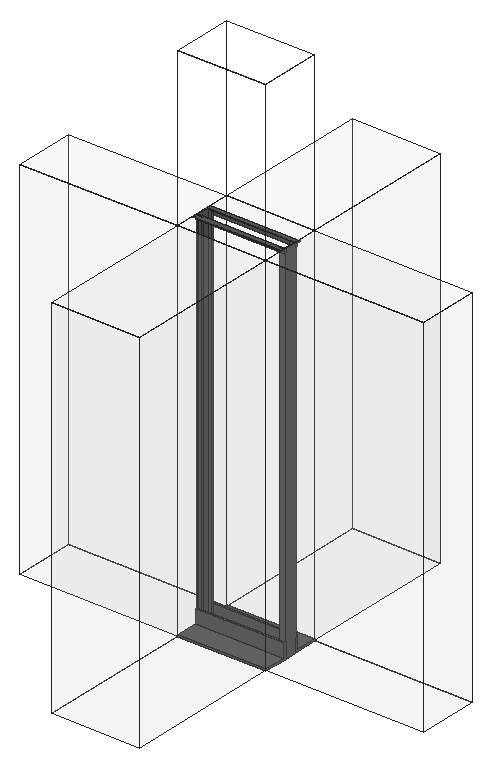
Revit family
Parameters (values of type "45 RU, 19 Inch Black")
  zz Length 9 = 84.060"  # constant formula
  zz Length 8 = 14.000"  # constant formula
  zz Length 7 = 1.250"  # constant formula
  zz Length 6 [instance] = if(and(Has Clearance Area Left, Clearance Depth Left > 0.000"), Clearance Depth Left, 1.000")  # 36.000"
  zz Length 5 = 0.000"  # constant formula
  zz Length 4 = if(1 = 1, 240.000" + zz Length 1, 240.000")  # 240.000"
  zz Length 3 = 3.000"  # constant formula
  zz Length 23 [instance] = if(and(Has Clearance Area Front, Clearance Depth Front > 0.000"), Clearance Depth Front, 1.000")  # 36.000"
  zz Length 22 = 0.380"  # constant formula
  zz Length 21 = 3.500"  # constant formula
  zz Length 20 = 18.310"  # constant formula
  zz Length 2 [instance] = if(and(Has Clearance Area Right, Clearance Depth Right > 0.000"), Clearance Depth Right, 1.000")  # 36.000"
  zz Length 19 = 0.188"  # constant formula
  zz Length 18 = 0.190"  # constant formula
  zz Length 17 = 20.280"  # constant formula
  zz Length 16 = 0.870"  # constant formula
  zz Length 15 = 0.500"  # constant formula
  zz Length 14 = 4.960"  # constant formula
  zz Length 13 = 0.188"  # constant formula
  zz Length 12 [instance] = if(and(Has Clearance Area Rear, Clearance Depth Rear > 0.000"), Clearance Depth Rear, 1.000")  # 36.000"
  zz Length 11 = 1.250"  # constant formula
  zz Length 10 [instance] = if(and(Has No Fly Zone, No Fly Zone Depth > 0.000"), No Fly Zone Depth, 1.000")  # 36.000"
  zz Length 1 = 0.000"  # constant formula
  zz Integer 1 = 1
  Width = zz Length 17  # 20.280"
  Weight = 0.00 lbf
  URL = "http://www.fiberinstrumentsales.com/"
  Rack Spaces RU = 45  # constant formula
  Provide Feedback = "https://www.surveymonkey.com/s/7W9CKP6"
  Product Page URL = ""
  Product Material = Aluminum - FIS - Black
  Product Documentation Link = ""
  Part Number [instance] = Model  # "F1SR1045"
  Part Description [instance] = Description  # "19 Inch Standard Relay Rack, Black Powdercoat on Steel"
  Original Creation Date = "November 21, 2013"  # constant formula
  No Fly Zone Depth [instance] = 36.000"
  Model Disclaimer = "For More Information, Contact Fiber Instrument Sales"  # constant formula
  Model = if(zz Integer 1 = 1, "F1SR1045", if(zz Integer 1 = 2, "F1SRA1945", "Not Available"))  # "F1SR1045"
  Manufacturer = "Fiber Instrument Sales"  # constant formula
  Height = zz Length 9  # 84.060"
  Has Snap Locations [instance] = yes
  Has No Fly Zone [instance] = yes
  Has Clearance Area Right [instance] = yes
  Has Clearance Area Rear [instance] = yes
  Has Clearance Area Left [instance] = yes
  Has Clearance Area Front [instance] = yes
  Family Version = "1.0.0"  # constant formula
  Equipment Number [instance] = ""
  Equipment Abbreviation = "R"
  Description = if(zz Integer 1 = 1, "19 Inch Standard Relay Rack, Black Powdercoat on Steel", if(zz Integer 1 = 2, "19 Inch Standard Relay Rack, Polished Brushed Aluminum", "Not Available"))  # "19 Inch Standard Relay Rack, Black Powdercoat on Steel"
  Depth = zz Length 8  # 14.000"
  Date Last Modified = "November 21, 2013"  # constant formula
  Copyright = "Copyright © 2013 Fiber Instrument Sales"  # constant formula
  Clearance Depth Right [instance] = 36.000"
  Clearance Depth Rear [instance] = 36.000"
  Clearance Depth Left [instance] = 36.000"
  Clearance Depth Front [instance] = 36.000"
Reference planes (in)
  plane 1 "Center (Front/Back)": y = 0
  plane 2 "Center (Elevation)": z = 0
  plane 3 "Center (Left/Right)": x = 0
  plane 4: x = -10.14
  plane 5: x = 10.14
  plane 6 "Rail Front": y = -1.5
  plane 7 "Rail Rear": y = 1.5
  plane 8 "Host": z = 0
  plane 9 "Base": z = -240
  plane 10: y = 1.312
  plane 11: y = -1.312
  plane 12: x = -9.95
  plane 13: x = 9.95
  plane 14: x = -8.89
  plane 15: x = 8.89
  plane 16: y = 7
  plane 17: y = -7
  plane 18 "Rack Top": z = 84.06
  plane 19: z = 0.38
  plane 20: z = 3.5
  plane 21: y = -1.88
  plane 22: y = 1.88
  plane 23: y = 2.48
  plane 24: y = -2.48
  plane 25: z = 83.872
  plane 26: y = 1.688
  plane 27: y = -1.688
  plane 28: z = 83.19
  plane 29: x = -9.155
  plane 30: x = 9.155
  plane 31: x = -9.155
  plane 32: x = 9.155
  plane 33: y = 43
  plane 34: y = -43
  plane 35: x = -46.14
  plane 36: x = 46.14
  plane 37: z = 120.06
Forms (in)
  Extrusion 1, solid, material "Aluminum - FIS - Black" <- "Product Material"
    sketch origin (0, 0, 0) x (-1, 0, 0) y (0, -1, 0)
      loop
        line (10.14, -1.5) -> (10.14, 1.5) -> (8.89, 1.5) -> (8.89, 1.312) -> (9.95, 1.312) -> (9.95, -1.312) -> (8.89, -1.312) -> (8.89, -1.5) -> (10.14, -1.5)
      loop
        line (-10.14, 1.5) -> (-10.14, -1.5) -> (-8.89, -1.5) -> (-8.89, -1.312) -> (-9.95, -1.312) -> (-9.95, 1.312) -> (-8.89, 1.312) -> (-8.89, 1.5) -> (-10.14, 1.5)
    from 0 to 84.06
  Extrusion 2, solid, material "Aluminum - FIS - Black" <- "Product Material"
    sketch origin (0, 0, 0) x (0, 1, 0) y (0, 0, 1)
      loop
        line (-2.48, 84.06) -> (-2.48, 83.872) -> (-1.688, 83.872) -> (-1.688, 83.19) -> (-1.5, 83.19) -> (-1.5, 84.06) -> (-2.48, 84.06)
      loop
        line (1.688, 83.19) -> (1.688, 83.872) -> (2.48, 83.872) -> (2.48, 84.06) -> (1.5, 84.06) -> (1.5, 83.19) -> (1.688, 83.19)
    from -10.14 to 10.14
  Extrusion 3, solid, material "Snap Locations", visible <- "Has Snap Locations"
    sketch origin (0, 0, 0) x (-1, 0, 0) y (0, -1, 0)
      loop
        line (8.89, -1.5) -> (8.89, -1.312) -> (-8.89, -1.312) -> (-8.89, -1.5) -> (8.89, -1.5)
      loop
        line (8.89, 1.5) -> (-8.89, 1.5) -> (-8.89, 1.312) -> (8.89, 1.312) -> (8.89, 1.5)
    from 0 to 84.06
  Extrusion 4, solid, material "Aluminum - FIS - Black" <- "Product Material"
    sketch origin (0, 0, 0) x (0, 1, 0) y (0, 0, 1)
      loop
        line (-1.88, 3.5) -> (-1.88, 0.38) -> (-7, 0.38) -> (-7, 0) -> (-1.5, 0) -> (-1.5, 3.5) -> (-1.88, 3.5)
      loop
        line (7, 0) -> (7, 0.38) -> (1.88, 0.38) -> (1.88, 3.5) -> (1.5, 3.5) -> (1.5, 0) -> (7, 0)
    from -10.14 to 10.14
  Extrusion 5, solid, material "Clearance Areas", visible <- "Has Clearance Area Rear"
    sketch origin (0, 0, 0) x (-1, 0, 0) y (0, -1, 0)
      loop
        line (10.14, -43) -> (10.14, -7) -> (-10.14, -7) -> (-10.14, -43) -> (10.14, -43)
    from 0 to 84.06
  Extrusion 6, solid, material "Clearance Areas", visible <- "Has Clearance Area Front"
    sketch origin (0, 0, 0) x (-1, 0, 0) y (0, -1, 0)
      loop
        line (10.14, 7) -> (10.14, 43) -> (-10.14, 43) -> (-10.14, 7) -> (10.14, 7)
    from 0 to 84.06
  Extrusion 7, solid, material "Clearance Areas", visible <- "Has Clearance Area Right"
    sketch origin (0, 0, 0) x (-1, 0, 0) y (0, -1, 0)
      loop
        line (-10.14, -7) -> (-10.14, 7) -> (-46.14, 7) -> (-46.14, -7) -> (-10.14, -7)
    from 0 to 84.06
  Extrusion 8, solid, material "Clearance Areas", visible <- "Has Clearance Area Left"
    sketch origin (0, 0, 0) x (-1, 0, 0) y (0, -1, 0)
      loop
        line (46.14, -7) -> (46.14, 7) -> (10.14, 7) -> (10.14, -7) -> (46.14, -7)
    from 0 to 84.06
  Extrusion 9, solid, visible <- "Has No Fly Zone"
    sketch origin (0, 0, 84.06) x (-1, 0, 0) y (0, -1, 0)
      loop
        line (10.14, -7) -> (10.14, 7) -> (-10.14, 7) -> (-10.14, -7) -> (10.14, -7)
    from 0 to 36
Lines and regions (in)
  Masking region 1
    outline origin (0, 0, 84.06) x (-1, 0, 0) y (0, -1, 0)
      loop
        line (10.14, -7) -> (10.14, 7) -> (-10.14, 7) -> (-10.14, -7) -> (10.14, -7)
  reference lines, visible <- "Has Snap Locations"
    curve 1: line (-9.155, -1.5, 82.4) -> (9.155, -1.5, 82.4)
    curve 2: line (-9.155, -1.5, 81.15) -> (9.155, -1.5, 81.15)
    curve 4: line (-9.155, 1.5, 82.4) -> (9.155, 1.5, 82.4)
    curve 5: line (-9.155, 1.5, 81.15) -> (9.155, 1.5, 81.15)
    curve 7: line (-9.155, 1.5, 80.65) -> (9.155, 1.5, 80.65)
    curve 8: line (-9.155, 1.5, 79.4) -> (9.155, 1.5, 79.4)
    curve 10: line (-9.155, 1.5, 78.9) -> (9.155, 1.5, 78.9)
    curve 11: line (-9.155, 1.5, 77.65) -> (9.155, 1.5, 77.65)
    curve 13: line (-9.155, 1.5, 77.15) -> (9.155, 1.5, 77.15)
    curve 14: line (-9.155, 1.5, 75.9) -> (9.155, 1.5, 75.9)
    curve 16: line (-9.155, 1.5, 75.4) -> (9.155, 1.5, 75.4)
    curve 17: line (-9.155, 1.5, 74.15) -> (9.155, 1.5, 74.15)
    curve 19: line (-9.155, 1.5, 73.65) -> (9.155, 1.5, 73.65)
    curve 20: line (-9.155, 1.5, 72.4) -> (9.155, 1.5, 72.4)
    curve 22: line (-9.155, 1.5, 71.9) -> (9.155, 1.5, 71.9)
    curve 23: line (-9.155, 1.5, 70.65) -> (9.155, 1.5, 70.65)
    curve 25: line (-9.155, 1.5, 70.15) -> (9.155, 1.5, 70.15)
    curve 26: line (-9.155, 1.5, 68.9) -> (9.155, 1.5, 68.9)
    curve 28: line (-9.155, 1.5, 68.4) -> (9.155, 1.5, 68.4)
    curve 29: line (-9.155, 1.5, 67.15) -> (9.155, 1.5, 67.15)
    curve 31: line (-9.155, 1.5, 66.65) -> (9.155, 1.5, 66.65)
    curve 32: line (-9.155, 1.5, 65.4) -> (9.155, 1.5, 65.4)
    curve 34: line (-9.155, 1.5, 64.9) -> (9.155, 1.5, 64.9)
    curve 35: line (-9.155, 1.5, 63.65) -> (9.155, 1.5, 63.65)
    curve 37: line (-9.155, 1.5, 63.15) -> (9.155, 1.5, 63.15)
    curve 38: line (-9.155, 1.5, 61.9) -> (9.155, 1.5, 61.9)
    curve 40: line (-9.155, 1.5, 61.4) -> (9.155, 1.5, 61.4)
    curve 41: line (-9.155, 1.5, 60.15) -> (9.155, 1.5, 60.15)
    curve 43: line (-9.155, 1.5, 59.65) -> (9.155, 1.5, 59.65)
    curve 44: line (-9.155, 1.5, 58.4) -> (9.155, 1.5, 58.4)
    curve 46: line (-9.155, 1.5, 57.9) -> (9.155, 1.5, 57.9)
    curve 47: line (-9.155, 1.5, 56.65) -> (9.155, 1.5, 56.65)
    curve 49: line (-9.155, 1.5, 56.15) -> (9.155, 1.5, 56.15)
    curve 50: line (-9.155, 1.5, 54.9) -> (9.155, 1.5, 54.9)
    curve 52: line (-9.155, 1.5, 54.4) -> (9.155, 1.5, 54.4)
    curve 53: line (-9.155, 1.5, 53.15) -> (9.155, 1.5, 53.15)
    curve 55: line (-9.155, 1.5, 52.65) -> (9.155, 1.5, 52.65)
    curve 56: line (-9.155, 1.5, 51.4) -> (9.155, 1.5, 51.4)
    curve 58: line (-9.155, 1.5, 50.9) -> (9.155, 1.5, 50.9)
    curve 59: line (-9.155, 1.5, 49.65) -> (9.155, 1.5, 49.65)
    curve 61: line (-9.155, 1.5, 49.15) -> (9.155, 1.5, 49.15)
    curve 62: line (-9.155, 1.5, 47.9) -> (9.155, 1.5, 47.9)
    curve 64: line (-9.155, 1.5, 47.4) -> (9.155, 1.5, 47.4)
    curve 65: line (-9.155, 1.5, 46.15) -> (9.155, 1.5, 46.15)
    curve 67: line (-9.155, 1.5, 45.65) -> (9.155, 1.5, 45.65)
    curve 68: line (-9.155, 1.5, 44.4) -> (9.155, 1.5, 44.4)
    curve 70: line (-9.155, 1.5, 43.9) -> (9.155, 1.5, 43.9)
    curve 71: line (-9.155, 1.5, 42.65) -> (9.155, 1.5, 42.65)
    curve 73: line (-9.155, 1.5, 42.15) -> (9.155, 1.5, 42.15)
    curve 74: line (-9.155, 1.5, 40.9) -> (9.155, 1.5, 40.9)
    curve 76: line (-9.155, 1.5, 40.4) -> (9.155, 1.5, 40.4)
    curve 77: line (-9.155, 1.5, 39.15) -> (9.155, 1.5, 39.15)
    curve 79: line (-9.155, 1.5, 38.65) -> (9.155, 1.5, 38.65)
    curve 80: line (-9.155, 1.5, 37.4) -> (9.155, 1.5, 37.4)
    curve 82: line (-9.155, 1.5, 36.9) -> (9.155, 1.5, 36.9)
    curve 83: line (-9.155, 1.5, 35.65) -> (9.155, 1.5, 35.65)
    curve 85: line (-9.155, 1.5, 35.15) -> (9.155, 1.5, 35.15)
    curve 86: line (-9.155, 1.5, 33.9) -> (9.155, 1.5, 33.9)
    curve 88: line (-9.155, 1.5, 33.4) -> (9.155, 1.5, 33.4)
    curve 89: line (-9.155, 1.5, 32.15) -> (9.155, 1.5, 32.15)
    curve 91: line (-9.155, 1.5, 31.65) -> (9.155, 1.5, 31.65)
    curve 92: line (-9.155, 1.5, 30.4) -> (9.155, 1.5, 30.4)
    curve 94: line (-9.155, 1.5, 29.9) -> (9.155, 1.5, 29.9)
    curve 95: line (-9.155, 1.5, 28.65) -> (9.155, 1.5, 28.65)
    curve 97: line (-9.155, 1.5, 28.15) -> (9.155, 1.5, 28.15)
    curve 98: line (-9.155, 1.5, 26.9) -> (9.155, 1.5, 26.9)
    curve 100: line (-9.155, 1.5, 26.4) -> (9.155, 1.5, 26.4)
    curve 101: line (-9.155, 1.5, 25.15) -> (9.155, 1.5, 25.15)
    curve 103: line (-9.155, 1.5, 24.65) -> (9.155, 1.5, 24.65)
    curve 104: line (-9.155, 1.5, 23.4) -> (9.155, 1.5, 23.4)
    curve 106: line (-9.155, 1.5, 22.9) -> (9.155, 1.5, 22.9)
    curve 107: line (-9.155, 1.5, 21.65) -> (9.155, 1.5, 21.65)
    curve 109: line (-9.155, 1.5, 21.15) -> (9.155, 1.5, 21.15)
    curve 110: line (-9.155, 1.5, 19.9) -> (9.155, 1.5, 19.9)
    curve 112: line (-9.155, 1.5, 19.4) -> (9.155, 1.5, 19.4)
    curve 113: line (-9.155, 1.5, 18.15) -> (9.155, 1.5, 18.15)
    curve 115: line (-9.155, 1.5, 17.65) -> (9.155, 1.5, 17.65)
    curve 116: line (-9.155, 1.5, 16.4) -> (9.155, 1.5, 16.4)
    curve 118: line (-9.155, 1.5, 15.9) -> (9.155, 1.5, 15.9)
    curve 119: line (-9.155, 1.5, 14.65) -> (9.155, 1.5, 14.65)
    curve 121: line (-9.155, 1.5, 14.15) -> (9.155, 1.5, 14.15)
    curve 122: line (-9.155, 1.5, 12.9) -> (9.155, 1.5, 12.9)
    curve 124: line (-9.155, 1.5, 12.4) -> (9.155, 1.5, 12.4)
    curve 125: line (-9.155, 1.5, 11.15) -> (9.155, 1.5, 11.15)
    curve 127: line (-9.155, 1.5, 10.65) -> (9.155, 1.5, 10.65)
    curve 128: line (-9.155, 1.5, 9.4) -> (9.155, 1.5, 9.4)
    curve 130: line (-9.155, 1.5, 8.9) -> (9.155, 1.5, 8.9)
    curve 131: line (-9.155, 1.5, 7.65) -> (9.155, 1.5, 7.65)
    curve 133: line (-9.155, 1.5, 7.15) -> (9.155, 1.5, 7.15)
    curve 134: line (-9.155, 1.5, 5.9) -> (9.155, 1.5, 5.9)
    curve 136: line (-9.155, 1.5, 5.4) -> (9.155, 1.5, 5.4)
    curve 137: line (-9.155, 1.5, 4.15) -> (9.155, 1.5, 4.15)
    curve 139: line (-9.155, -1.5, 80.65) -> (9.155, -1.5, 80.65)
    curve 140: line (-9.155, -1.5, 79.4) -> (9.155, -1.5, 79.4)
    curve 142: line (-9.155, -1.5, 78.9) -> (9.155, -1.5, 78.9)
    curve 143: line (-9.155, -1.5, 77.65) -> (9.155, -1.5, 77.65)
    curve 145: line (-9.155, -1.5, 77.15) -> (9.155, -1.5, 77.15)
    curve 146: line (-9.155, -1.5, 75.9) -> (9.155, -1.5, 75.9)
    curve 148: line (-9.155, -1.5, 75.4) -> (9.155, -1.5, 75.4)
    curve 149: line (-9.155, -1.5, 74.15) -> (9.155, -1.5, 74.15)
    curve 151: line (-9.155, -1.5, 73.65) -> (9.155, -1.5, 73.65)
    curve 152: line (-9.155, -1.5, 72.4) -> (9.155, -1.5, 72.4)
    curve 154: line (-9.155, -1.5, 71.9) -> (9.155, -1.5, 71.9)
    curve 155: line (-9.155, -1.5, 70.65) -> (9.155, -1.5, 70.65)
    curve 157: line (-9.155, -1.5, 70.15) -> (9.155, -1.5, 70.15)
    curve 158: line (-9.155, -1.5, 68.9) -> (9.155, -1.5, 68.9)
    curve 160: line (-9.155, -1.5, 68.4) -> (9.155, -1.5, 68.4)
    curve 161: line (-9.155, -1.5, 67.15) -> (9.155, -1.5, 67.15)
    curve 163: line (-9.155, -1.5, 66.65) -> (9.155, -1.5, 66.65)
    curve 164: line (-9.155, -1.5, 65.4) -> (9.155, -1.5, 65.4)
    curve 166: line (-9.155, -1.5, 64.9) -> (9.155, -1.5, 64.9)
    curve 167: line (-9.155, -1.5, 63.65) -> (9.155, -1.5, 63.65)
    curve 169: line (-9.155, -1.5, 63.15) -> (9.155, -1.5, 63.15)
    curve 170: line (-9.155, -1.5, 61.9) -> (9.155, -1.5, 61.9)
    curve 172: line (-9.155, -1.5, 61.4) -> (9.155, -1.5, 61.4)
    curve 173: line (-9.155, -1.5, 60.15) -> (9.155, -1.5, 60.15)
    curve 175: line (-9.155, -1.5, 59.65) -> (9.155, -1.5, 59.65)
    curve 176: line (-9.155, -1.5, 58.4) -> (9.155, -1.5, 58.4)
    curve 178: line (-9.155, -1.5, 57.9) -> (9.155, -1.5, 57.9)
    curve 179: line (-9.155, -1.5, 56.65) -> (9.155, -1.5, 56.65)
    curve 181: line (-9.155, -1.5, 56.15) -> (9.155, -1.5, 56.15)
    curve 182: line (-9.155, -1.5, 54.9) -> (9.155, -1.5, 54.9)
    curve 184: line (-9.155, -1.5, 54.4) -> (9.155, -1.5, 54.4)
    curve 185: line (-9.155, -1.5, 53.15) -> (9.155, -1.5, 53.15)
    curve 187: line (-9.155, -1.5, 52.65) -> (9.155, -1.5, 52.65)
    curve 188: line (-9.155, -1.5, 51.4) -> (9.155, -1.5, 51.4)
    curve 190: line (-9.155, -1.5, 50.9) -> (9.155, -1.5, 50.9)
    curve 191: line (-9.155, -1.5, 49.65) -> (9.155, -1.5, 49.65)
    curve 193: line (-9.155, -1.5, 49.15) -> (9.155, -1.5, 49.15)
    curve 194: line (-9.155, -1.5, 47.9) -> (9.155, -1.5, 47.9)
    curve 196: line (-9.155, -1.5, 47.4) -> (9.155, -1.5, 47.4)
    curve 197: line (-9.155, -1.5, 46.15) -> (9.155, -1.5, 46.15)
    curve 199: line (-9.155, -1.5, 45.65) -> (9.155, -1.5, 45.65)
    curve 200: line (-9.155, -1.5, 44.4) -> (9.155, -1.5, 44.4)
    curve 202: line (-9.155, -1.5, 43.9) -> (9.155, -1.5, 43.9)
    curve 203: line (-9.155, -1.5, 42.65) -> (9.155, -1.5, 42.65)
    curve 205: line (-9.155, -1.5, 42.15) -> (9.155, -1.5, 42.15)
    curve 206: line (-9.155, -1.5, 40.9) -> (9.155, -1.5, 40.9)
    curve 208: line (-9.155, -1.5, 40.4) -> (9.155, -1.5, 40.4)
    curve 209: line (-9.155, -1.5, 39.15) -> (9.155, -1.5, 39.15)
    curve 211: line (-9.155, -1.5, 38.65) -> (9.155, -1.5, 38.65)
    curve 212: line (-9.155, -1.5, 37.4) -> (9.155, -1.5, 37.4)
    curve 214: line (-9.155, -1.5, 36.9) -> (9.155, -1.5, 36.9)
    curve 215: line (-9.155, -1.5, 35.65) -> (9.155, -1.5, 35.65)
    curve 217: line (-9.155, -1.5, 35.15) -> (9.155, -1.5, 35.15)
    curve 218: line (-9.155, -1.5, 33.9) -> (9.155, -1.5, 33.9)
    curve 220: line (-9.155, -1.5, 33.4) -> (9.155, -1.5, 33.4)
    curve 221: line (-9.155, -1.5, 32.15) -> (9.155, -1.5, 32.15)
    curve 223: line (-9.155, -1.5, 31.65) -> (9.155, -1.5, 31.65)
    curve 224: line (-9.155, -1.5, 30.4) -> (9.155, -1.5, 30.4)
    curve 226: line (-9.155, -1.5, 29.9) -> (9.155, -1.5, 29.9)
    curve 227: line (-9.155, -1.5, 28.65) -> (9.155, -1.5, 28.65)
    curve 229: line (-9.155, -1.5, 28.15) -> (9.155, -1.5, 28.15)
    curve 230: line (-9.155, -1.5, 26.9) -> (9.155, -1.5, 26.9)
    curve 232: line (-9.155, -1.5, 26.4) -> (9.155, -1.5, 26.4)
    curve 233: line (-9.155, -1.5, 25.15) -> (9.155, -1.5, 25.15)
    curve 235: line (-9.155, -1.5, 24.65) -> (9.155, -1.5, 24.65)
    curve 236: line (-9.155, -1.5, 23.4) -> (9.155, -1.5, 23.4)
    curve 238: line (-9.155, -1.5, 22.9) -> (9.155, -1.5, 22.9)
    curve 239: line (-9.155, -1.5, 21.65) -> (9.155, -1.5, 21.65)
    curve 241: line (-9.155, -1.5, 21.15) -> (9.155, -1.5, 21.15)
    curve 242: line (-9.155, -1.5, 19.9) -> (9.155, -1.5, 19.9)
    curve 244: line (-9.155, -1.5, 19.4) -> (9.155, -1.5, 19.4)
    curve 245: line (-9.155, -1.5, 18.15) -> (9.155, -1.5, 18.15)
    curve 247: line (-9.155, -1.5, 17.65) -> (9.155, -1.5, 17.65)
    curve 248: line (-9.155, -1.5, 16.4) -> (9.155, -1.5, 16.4)
    curve 250: line (-9.155, -1.5, 15.9) -> (9.155, -1.5, 15.9)
    curve 251: line (-9.155, -1.5, 14.65) -> (9.155, -1.5, 14.65)
    curve 253: line (-9.155, -1.5, 14.15) -> (9.155, -1.5, 14.15)
    curve 254: line (-9.155, -1.5, 12.9) -> (9.155, -1.5, 12.9)
    curve 256: line (-9.155, -1.5, 12.4) -> (9.155, -1.5, 12.4)
    curve 257: line (-9.155, -1.5, 11.15) -> (9.155, -1.5, 11.15)
    curve 259: line (-9.155, -1.5, 10.65) -> (9.155, -1.5, 10.65)
    curve 260: line (-9.155, -1.5, 9.4) -> (9.155, -1.5, 9.4)
    curve 262: line (-9.155, -1.5, 8.9) -> (9.155, -1.5, 8.9)
    curve 263: line (-9.155, -1.5, 7.65) -> (9.155, -1.5, 7.65)
    curve 265: line (-9.155, -1.5, 7.15) -> (9.155, -1.5, 7.15)
    curve 266: line (-9.155, -1.5, 5.9) -> (9.155, -1.5, 5.9)
    curve 268: line (-9.155, -1.5, 5.4) -> (9.155, -1.5, 5.4)
    curve 269: line (-9.155, -1.5, 4.15) -> (9.155, -1.5, 4.15)
  model lines, style "Snap Locations", visible <- "Has Snap Locations"
    curve 3: line (-9.155, -1.5, 81.15) -> (-9.155, -1.5, 82.4)
    curve 6: line (9.155, 1.5, 82.4) -> (9.155, 1.5, 81.15)
    curve 9: line (9.155, 1.5, 80.65) -> (9.155, 1.5, 79.4)
    curve 12: line (9.155, 1.5, 78.9) -> (9.155, 1.5, 77.65)
    curve 15: line (9.155, 1.5, 77.15) -> (9.155, 1.5, 75.9)
    curve 18: line (9.155, 1.5, 75.4) -> (9.155, 1.5, 74.15)
    curve 21: line (9.155, 1.5, 73.65) -> (9.155, 1.5, 72.4)
    curve 24: line (9.155, 1.5, 71.9) -> (9.155, 1.5, 70.65)
    curve 27: line (9.155, 1.5, 70.15) -> (9.155, 1.5, 68.9)
    curve 30: line (9.155, 1.5, 68.4) -> (9.155, 1.5, 67.15)
    curve 33: line (9.155, 1.5, 66.65) -> (9.155, 1.5, 65.4)
    curve 36: line (9.155, 1.5, 64.9) -> (9.155, 1.5, 63.65)
    curve 39: line (9.155, 1.5, 63.15) -> (9.155, 1.5, 61.9)
    curve 42: line (9.155, 1.5, 61.4) -> (9.155, 1.5, 60.15)
    curve 45: line (9.155, 1.5, 59.65) -> (9.155, 1.5, 58.4)
    curve 48: line (9.155, 1.5, 57.9) -> (9.155, 1.5, 56.65)
    curve 51: line (9.155, 1.5, 56.15) -> (9.155, 1.5, 54.9)
    curve 54: line (9.155, 1.5, 54.4) -> (9.155, 1.5, 53.15)
    curve 57: line (9.155, 1.5, 52.65) -> (9.155, 1.5, 51.4)
    curve 60: line (9.155, 1.5, 50.9) -> (9.155, 1.5, 49.65)
    curve 63: line (9.155, 1.5, 49.15) -> (9.155, 1.5, 47.9)
    curve 66: line (9.155, 1.5, 47.4) -> (9.155, 1.5, 46.15)
    curve 69: line (9.155, 1.5, 45.65) -> (9.155, 1.5, 44.4)
    curve 72: line (9.155, 1.5, 43.9) -> (9.155, 1.5, 42.65)
    curve 75: line (9.155, 1.5, 42.15) -> (9.155, 1.5, 40.9)
    curve 78: line (9.155, 1.5, 40.4) -> (9.155, 1.5, 39.15)
    curve 81: line (9.155, 1.5, 38.65) -> (9.155, 1.5, 37.4)
    curve 84: line (9.155, 1.5, 36.9) -> (9.155, 1.5, 35.65)
    curve 87: line (9.155, 1.5, 35.15) -> (9.155, 1.5, 33.9)
    curve 90: line (9.155, 1.5, 33.4) -> (9.155, 1.5, 32.15)
    curve 93: line (9.155, 1.5, 31.65) -> (9.155, 1.5, 30.4)
    curve 96: line (9.155, 1.5, 29.9) -> (9.155, 1.5, 28.65)
    curve 99: line (9.155, 1.5, 28.15) -> (9.155, 1.5, 26.9)
    curve 102: line (9.155, 1.5, 26.4) -> (9.155, 1.5, 25.15)
    curve 105: line (9.155, 1.5, 24.65) -> (9.155, 1.5, 23.4)
    curve 108: line (9.155, 1.5, 22.9) -> (9.155, 1.5, 21.65)
    curve 111: line (9.155, 1.5, 21.15) -> (9.155, 1.5, 19.9)
    curve 114: line (9.155, 1.5, 19.4) -> (9.155, 1.5, 18.15)
    curve 117: line (9.155, 1.5, 17.65) -> (9.155, 1.5, 16.4)
    curve 120: line (9.155, 1.5, 15.9) -> (9.155, 1.5, 14.65)
    curve 123: line (9.155, 1.5, 14.15) -> (9.155, 1.5, 12.9)
    curve 126: line (9.155, 1.5, 12.4) -> (9.155, 1.5, 11.15)
    curve 129: line (9.155, 1.5, 10.65) -> (9.155, 1.5, 9.4)
    curve 132: line (9.155, 1.5, 8.9) -> (9.155, 1.5, 7.65)
    curve 135: line (9.155, 1.5, 7.15) -> (9.155, 1.5, 5.9)
    curve 138: line (9.155, 1.5, 5.4) -> (9.155, 1.5, 4.15)
    curve 141: line (-9.155, -1.5, 79.4) -> (-9.155, -1.5, 80.65)
    curve 144: line (-9.155, -1.5, 77.65) -> (-9.155, -1.5, 78.9)
    curve 147: line (-9.155, -1.5, 75.9) -> (-9.155, -1.5, 77.15)
    curve 150: line (-9.155, -1.5, 74.15) -> (-9.155, -1.5, 75.4)
    curve 153: line (-9.155, -1.5, 72.4) -> (-9.155, -1.5, 73.65)
    curve 156: line (-9.155, -1.5, 70.65) -> (-9.155, -1.5, 71.9)
    curve 159: line (-9.155, -1.5, 68.9) -> (-9.155, -1.5, 70.15)
    curve 162: line (-9.155, -1.5, 67.15) -> (-9.155, -1.5, 68.4)
    curve 165: line (-9.155, -1.5, 65.4) -> (-9.155, -1.5, 66.65)
    curve 168: line (-9.155, -1.5, 63.65) -> (-9.155, -1.5, 64.9)
    curve 171: line (-9.155, -1.5, 61.9) -> (-9.155, -1.5, 63.15)
    curve 174: line (-9.155, -1.5, 60.15) -> (-9.155, -1.5, 61.4)
    curve 177: line (-9.155, -1.5, 58.4) -> (-9.155, -1.5, 59.65)
    curve 180: line (-9.155, -1.5, 56.65) -> (-9.155, -1.5, 57.9)
    curve 183: line (-9.155, -1.5, 54.9) -> (-9.155, -1.5, 56.15)
    curve 186: line (-9.155, -1.5, 53.15) -> (-9.155, -1.5, 54.4)
    curve 189: line (-9.155, -1.5, 51.4) -> (-9.155, -1.5, 52.65)
    curve 192: line (-9.155, -1.5, 49.65) -> (-9.155, -1.5, 50.9)
    curve 195: line (-9.155, -1.5, 47.9) -> (-9.155, -1.5, 49.15)
    curve 198: line (-9.155, -1.5, 46.15) -> (-9.155, -1.5, 47.4)
    curve 201: line (-9.155, -1.5, 44.4) -> (-9.155, -1.5, 45.65)
    curve 204: line (-9.155, -1.5, 42.65) -> (-9.155, -1.5, 43.9)
    curve 207: line (-9.155, -1.5, 40.9) -> (-9.155, -1.5, 42.15)
    curve 210: line (-9.155, -1.5, 39.15) -> (-9.155, -1.5, 40.4)
    curve 213: line (-9.155, -1.5, 37.4) -> (-9.155, -1.5, 38.65)
    curve 216: line (-9.155, -1.5, 35.65) -> (-9.155, -1.5, 36.9)
    curve 219: line (-9.155, -1.5, 33.9) -> (-9.155, -1.5, 35.15)
    curve 222: line (-9.155, -1.5, 32.15) -> (-9.155, -1.5, 33.4)
    curve 225: line (-9.155, -1.5, 30.4) -> (-9.155, -1.5, 31.65)
    curve 228: line (-9.155, -1.5, 28.65) -> (-9.155, -1.5, 29.9)
    curve 231: line (-9.155, -1.5, 26.9) -> (-9.155, -1.5, 28.15)
    curve 234: line (-9.155, -1.5, 25.15) -> (-9.155, -1.5, 26.4)
    curve 237: line (-9.155, -1.5, 23.4) -> (-9.155, -1.5, 24.65)
    curve 240: line (-9.155, -1.5, 21.65) -> (-9.155, -1.5, 22.9)
    curve 243: line (-9.155, -1.5, 19.9) -> (-9.155, -1.5, 21.15)
    curve 246: line (-9.155, -1.5, 18.15) -> (-9.155, -1.5, 19.4)
    curve 249: line (-9.155, -1.5, 16.4) -> (-9.155, -1.5, 17.65)
    curve 252: line (-9.155, -1.5, 14.65) -> (-9.155, -1.5, 15.9)
    curve 255: line (-9.155, -1.5, 12.9) -> (-9.155, -1.5, 14.15)
    curve 258: line (-9.155, -1.5, 11.15) -> (-9.155, -1.5, 12.4)
    curve 261: line (-9.155, -1.5, 9.4) -> (-9.155, -1.5, 10.65)
    curve 264: line (-9.155, -1.5, 7.65) -> (-9.155, -1.5, 8.9)
    curve 267: line (-9.155, -1.5, 5.9) -> (-9.155, -1.5, 7.15)
    curve 270: line (-9.155, -1.5, 4.15) -> (-9.155, -1.5, 5.4)
    curve 271: line (-9.155, 1.5, 82.4) -> (-9.155, 1.5, 81.15)
    curve 272: line (-9.155, 1.5, 80.65) -> (-9.155, 1.5, 79.4)
    curve 273: line (-9.155, 1.5, 78.9) -> (-9.155, 1.5, 77.65)
    curve 274: line (-9.155, 1.5, 77.15) -> (-9.155, 1.5, 75.9)
    curve 275: line (-9.155, 1.5, 75.4) -> (-9.155, 1.5, 74.15)
    curve 276: line (-9.155, 1.5, 73.65) -> (-9.155, 1.5, 72.4)
    curve 277: line (-9.155, 1.5, 71.9) -> (-9.155, 1.5, 70.65)
    curve 278: line (-9.155, 1.5, 70.15) -> (-9.155, 1.5, 68.9)
    curve 279: line (-9.155, 1.5, 68.4) -> (-9.155, 1.5, 67.15)
    curve 280: line (-9.155, 1.5, 66.65) -> (-9.155, 1.5, 65.4)
    curve 281: line (-9.155, 1.5, 64.9) -> (-9.155, 1.5, 63.65)
    curve 282: line (-9.155, 1.5, 63.15) -> (-9.155, 1.5, 61.9)
    curve 283: line (-9.155, 1.5, 61.4) -> (-9.155, 1.5, 60.15)
    curve 284: line (-9.155, 1.5, 59.65) -> (-9.155, 1.5, 58.4)
    curve 285: line (-9.155, 1.5, 57.9) -> (-9.155, 1.5, 56.65)
    curve 286: line (-9.155, 1.5, 56.15) -> (-9.155, 1.5, 54.9)
    curve 287: line (-9.155, 1.5, 54.4) -> (-9.155, 1.5, 53.15)
    curve 288: line (-9.155, 1.5, 52.65) -> (-9.155, 1.5, 51.4)
    curve 289: line (-9.155, 1.5, 50.9) -> (-9.155, 1.5, 49.65)
    curve 290: line (-9.155, 1.5, 49.15) -> (-9.155, 1.5, 47.9)
    curve 291: line (-9.155, 1.5, 47.4) -> (-9.155, 1.5, 46.15)
    curve 292: line (-9.155, 1.5, 45.65) -> (-9.155, 1.5, 44.4)
    curve 293: line (-9.155, 1.5, 43.9) -> (-9.155, 1.5, 42.65)
    curve 294: line (-9.155, 1.5, 42.15) -> (-9.155, 1.5, 40.9)
    curve 295: line (-9.155, 1.5, 40.4) -> (-9.155, 1.5, 39.15)
    curve 296: line (-9.155, 1.5, 38.65) -> (-9.155, 1.5, 37.4)
    curve 297: line (-9.155, 1.5, 36.9) -> (-9.155, 1.5, 35.65)
    curve 298: line (-9.155, 1.5, 35.15) -> (-9.155, 1.5, 33.9)
    curve 299: line (-9.155, 1.5, 33.4) -> (-9.155, 1.5, 32.15)
    curve 300: line (-9.155, 1.5, 31.65) -> (-9.155, 1.5, 30.4)
    curve 301: line (-9.155, 1.5, 29.9) -> (-9.155, 1.5, 28.65)
    curve 302: line (-9.155, 1.5, 28.15) -> (-9.155, 1.5, 26.9)
    curve 303: line (-9.155, 1.5, 26.4) -> (-9.155, 1.5, 25.15)
    curve 304: line (-9.155, 1.5, 24.65) -> (-9.155, 1.5, 23.4)
    curve 305: line (-9.155, 1.5, 22.9) -> (-9.155, 1.5, 21.65)
    curve 306: line (-9.155, 1.5, 21.15) -> (-9.155, 1.5, 19.9)
    curve 307: line (-9.155, 1.5, 19.4) -> (-9.155, 1.5, 18.15)
    curve 308: line (-9.155, 1.5, 17.65) -> (-9.155, 1.5, 16.4)
    curve 309: line (-9.155, 1.5, 15.9) -> (-9.155, 1.5, 14.65)
    curve 310: line (-9.155, 1.5, 14.15) -> (-9.155, 1.5, 12.9)
    curve 311: line (-9.155, 1.5, 12.4) -> (-9.155, 1.5, 11.15)
    curve 312: line (-9.155, 1.5, 10.65) -> (-9.155, 1.5, 9.4)
    curve 313: line (-9.155, 1.5, 8.9) -> (-9.155, 1.5, 7.65)
    curve 314: line (-9.155, 1.5, 7.15) -> (-9.155, 1.5, 5.9)
    curve 315: line (-9.155, 1.5, 5.4) -> (-9.155, 1.5, 4.15)
    curve 316: line (9.155, -1.5, 81.15) -> (9.155, -1.5, 82.4)
    curve 317: line (9.155, -1.5, 79.4) -> (9.155, -1.5, 80.65)
    curve 318: line (9.155, -1.5, 77.65) -> (9.155, -1.5, 78.9)
    curve 319: line (9.155, -1.5, 75.9) -> (9.155, -1.5, 77.15)
    curve 320: line (9.155, -1.5, 74.15) -> (9.155, -1.5, 75.4)
    curve 321: line (9.155, -1.5, 72.4) -> (9.155, -1.5, 73.65)
    curve 322: line (9.155, -1.5, 70.65) -> (9.155, -1.5, 71.9)
    curve 323: line (9.155, -1.5, 68.9) -> (9.155, -1.5, 70.15)
    curve 324: line (9.155, -1.5, 67.15) -> (9.155, -1.5, 68.4)
    curve 325: line (9.155, -1.5, 65.4) -> (9.155, -1.5, 66.65)
    curve 326: line (9.155, -1.5, 63.65) -> (9.155, -1.5, 64.9)
    curve 327: line (9.155, -1.5, 61.9) -> (9.155, -1.5, 63.15)
    curve 328: line (9.155, -1.5, 60.15) -> (9.155, -1.5, 61.4)
    curve 329: line (9.155, -1.5, 58.4) -> (9.155, -1.5, 59.65)
    curve 330: line (9.155, -1.5, 56.65) -> (9.155, -1.5, 57.9)
    curve 331: line (9.155, -1.5, 54.9) -> (9.155, -1.5, 56.15)
    curve 332: line (9.155, -1.5, 53.15) -> (9.155, -1.5, 54.4)
    curve 333: line (9.155, -1.5, 51.4) -> (9.155, -1.5, 52.65)
    curve 334: line (9.155, -1.5, 49.65) -> (9.155, -1.5, 50.9)
    curve 335: line (9.155, -1.5, 47.9) -> (9.155, -1.5, 49.15)
    curve 336: line (9.155, -1.5, 46.15) -> (9.155, -1.5, 47.4)
    curve 337: line (9.155, -1.5, 44.4) -> (9.155, -1.5, 45.65)
    curve 338: line (9.155, -1.5, 42.65) -> (9.155, -1.5, 43.9)
    curve 339: line (9.155, -1.5, 40.9) -> (9.155, -1.5, 42.15)
    curve 340: line (9.155, -1.5, 39.15) -> (9.155, -1.5, 40.4)
    curve 341: line (9.155, -1.5, 37.4) -> (9.155, -1.5, 38.65)
    curve 342: line (9.155, -1.5, 35.65) -> (9.155, -1.5, 36.9)
    curve 343: line (9.155, -1.5, 33.9) -> (9.155, -1.5, 35.15)
    curve 344: line (9.155, -1.5, 32.15) -> (9.155, -1.5, 33.4)
    curve 345: line (9.155, -1.5, 30.4) -> (9.155, -1.5, 31.65)
    curve 346: line (9.155, -1.5, 28.65) -> (9.155, -1.5, 29.9)
    curve 347: line (9.155, -1.5, 26.9) -> (9.155, -1.5, 28.15)
    curve 348: line (9.155, -1.5, 25.15) -> (9.155, -1.5, 26.4)
    curve 349: line (9.155, -1.5, 23.4) -> (9.155, -1.5, 24.65)
    curve 350: line (9.155, -1.5, 21.65) -> (9.155, -1.5, 22.9)
    curve 351: line (9.155, -1.5, 19.9) -> (9.155, -1.5, 21.15)
    curve 352: line (9.155, -1.5, 18.15) -> (9.155, -1.5, 19.4)
    curve 353: line (9.155, -1.5, 16.4) -> (9.155, -1.5, 17.65)
    curve 354: line (9.155, -1.5, 14.65) -> (9.155, -1.5, 15.9)
    curve 355: line (9.155, -1.5, 12.9) -> (9.155, -1.5, 14.15)
    curve 356: line (9.155, -1.5, 11.15) -> (9.155, -1.5, 12.4)
    curve 357: line (9.155, -1.5, 9.4) -> (9.155, -1.5, 10.65)
    curve 358: line (9.155, -1.5, 7.65) -> (9.155, -1.5, 8.9)
    curve 359: line (9.155, -1.5, 5.9) -> (9.155, -1.5, 7.15)
    curve 360: line (9.155, -1.5, 4.15) -> (9.155, -1.5, 5.4)
  symbolic lines, style "Snap Locations", visible <- "Has Snap Locations", detail levels medium+fine
    curve 361: line (-10.14, 1.5, 84.06) -> (10.14, 1.5, 84.06)
    curve 362: line (10.14, -1.5, 84.06) -> (-10.14, -1.5, 84.06)
  symbolic lines, detail levels fine
    curve 363: line (-9.95, 1.312, 84.06) -> (-8.89, 1.312, 84.06)
    curve 364: line (-9.95, -1.312, 84.06) -> (-9.95, 1.312, 84.06)
    curve 365: line (9.95, -1.312, 84.06) -> (8.89, -1.312, 84.06)
    curve 366: line (9.95, 1.312, 84.06) -> (9.95, -1.312, 84.06)
    curve 367: line (-8.89, -1.5, 84.06) -> (-8.89, -1.312, 84.06)
    curve 368: line (8.89, 1.5, 84.06) -> (8.89, 1.312, 84.06)
    curve 369: line (8.89, 1.312, 84.06) -> (9.95, 1.312, 84.06)
    curve 370: line (-8.89, -1.312, 84.06) -> (-9.95, -1.312, 84.06)
    curve 371: line (8.89, -1.312, 84.06) -> (8.89, -1.5, 84.06)
    curve 372: line (-8.89, 1.312, 84.06) -> (-8.89, 1.5, 84.06)
    curve 389: line (-10.14, 1.5, 84.06) -> (-8.89, 1.5, 84.06)
    curve 390: line (-10.14, -1.5, 84.06) -> (-10.14, 1.5, 84.06)
    curve 391: line (10.14, -1.5, 84.06) -> (8.89, -1.5, 84.06)
    curve 392: line (10.14, 1.5, 84.06) -> (10.14, -1.5, 84.06)
    curve 393: line (8.89, 1.5, 84.06) -> (10.14, 1.5, 84.06)
    curve 394: line (-8.89, -1.5, 84.06) -> (-10.14, -1.5, 84.06)
  symbolic lines, style "Clearance Areas", visible <- "Has Clearance Area Rear"
    curve 373: line (-10.14, 43, 84.06) -> (10.14, 43, 84.06)
    curve 374: line (-10.14, 7, 84.06) -> (-10.14, 43, 84.06)
    curve 375: line (10.14, 7, 84.06) -> (-10.14, 7, 84.06)
    curve 376: line (10.14, 43, 84.06) -> (10.14, 7, 84.06)
  symbolic lines, style "Clearance Areas", visible <- "Has Clearance Area Right"
    curve 377: line (10.14, 7, 84.06) -> (46.14, 7, 84.06)
    curve 378: line (10.14, -7, 84.06) -> (10.14, 7, 84.06)
    curve 379: line (46.14, -7, 84.06) -> (10.14, -7, 84.06)
    curve 380: line (46.14, 7, 84.06) -> (46.14, -7, 84.06)
  symbolic lines, style "Clearance Areas", visible <- "Has Clearance Area Front"
    curve 381: line (-10.14, -7, 84.06) -> (10.14, -7, 84.06)
    curve 382: line (-10.14, -43, 84.06) -> (-10.14, -7, 84.06)
    curve 383: line (10.14, -43, 84.06) -> (-10.14, -43, 84.06)
    curve 384: line (10.14, -7, 84.06) -> (10.14, -43, 84.06)
  symbolic lines, style "Clearance Areas", visible <- "Has Clearance Area Left"
    curve 385: line (-46.14, 7, 84.06) -> (-10.14, 7, 84.06)
    curve 386: line (-46.14, -7, 84.06) -> (-46.14, 7, 84.06)
    curve 387: line (-10.14, -7, 84.06) -> (-46.14, -7, 84.06)
    curve 388: line (-10.14, 7, 84.06) -> (-10.14, -7, 84.06)
Dimensions and locks (in)
  "zz Length 4": plane 8 "Host" to plane 9 "Base"
  "zz Length 3": plane 7 "Rail Rear" to plane 6 "Rail Front"
  "zz Length 17": plane 4 to plane 5
  equal spacing: plane 6 "Rail Front", plane 1 "Center (Front/Back)", plane 7 "Rail Rear"
  equal spacing: plane 4, plane 3 "Center (Left/Right)", plane 5
  "zz Length 9": plane 18 "Rack Top" to plane 8 "Host"
  "zz Length 19": plane 10 to plane 7 "Rail Rear"
  "zz Length 19": plane 11 to plane 6 "Rail Front"
  "zz Length 18": plane 4 to plane 12
  "zz Length 18": plane 13 to plane 5
  "zz Length 7": plane 4 to plane 14
  "zz Length 7": plane 15 to plane 5
  equal spacing: plane 17, plane 1 "Center (Front/Back)", plane 16
  "zz Length 8": plane 17 to plane 16
  "zz Length 22": plane 19 to plane 8 "Host"
  "zz Length 21": plane 20 to plane 8 "Host"
  "zz Length 22": plane 21 to plane 6 "Rail Front"
  "zz Length 22": plane 7 "Rail Rear" to plane 22
  "zz Length 13": plane 27 to plane 6 "Rail Front"
  "zz Length 13": plane 7 "Rail Rear" to plane 26
  "zz Length 13": plane 18 "Rack Top" to plane 25
  equal spacing: plane 24, plane 1 "Center (Front/Back)", plane 23
  "zz Length 14": plane 24 to plane 23
  "zz Length 16": plane 18 "Rack Top" to plane 28
  equal spacing: plane 30, plane 3 "Center (Left/Right)", plane 29
  "zz Length 20": plane 29 to plane 30
  locked: plane 18 "Rack Top" to curve 1 at 1.66
  "zz Length 11": curve 1 to curve 2
  plane 1 "Center (Front/Back)" to Extrusion 3 = 1.500"
  "zz Length 20": plane 32 to plane 31
  "zz Length 11": curve 4 to curve 5
  "zz Length 11": curve 7 to curve 8
  "zz Length 11": curve 10 to curve 11
  "zz Length 11": curve 13 to curve 14
  "zz Length 11": curve 16 to curve 17
  "zz Length 11": curve 19 to curve 20
  "zz Length 11": curve 22 to curve 23
  "zz Length 11": curve 25 to curve 26
  "zz Length 11": curve 28 to curve 29
  "zz Length 11": curve 31 to curve 32
  "zz Length 15": curve 5 to curve 7
  "zz Length 15": curve 8 to curve 10
  "zz Length 15": curve 11 to curve 13
  "zz Length 15": curve 14 to curve 16
  "zz Length 15": curve 17 to curve 19
  "zz Length 15": curve 20 to curve 22
  "zz Length 15": curve 23 to curve 25
  "zz Length 15": curve 26 to curve 28
  "zz Length 15": curve 29 to curve 31
  "zz Length 11": curve 34 to curve 35
  "zz Length 11": curve 37 to curve 38
  "zz Length 11": curve 40 to curve 41
  "zz Length 11": curve 43 to curve 44
  "zz Length 11": curve 46 to curve 47
  "zz Length 11": curve 49 to curve 50
  "zz Length 11": curve 52 to curve 53
  "zz Length 11": curve 55 to curve 56
  "zz Length 11": curve 58 to curve 59
  "zz Length 11": curve 61 to curve 62
  "zz Length 15": curve 35 to curve 37
  "zz Length 15": curve 38 to curve 40
  "zz Length 15": curve 41 to curve 43
  "zz Length 15": curve 44 to curve 46
  "zz Length 15": curve 47 to curve 49
  "zz Length 15": curve 50 to curve 52
  "zz Length 15": curve 53 to curve 55
  "zz Length 15": curve 56 to curve 58
  "zz Length 15": curve 59 to curve 61
  "zz Length 11": curve 64 to curve 65
  "zz Length 11": curve 67 to curve 68
  "zz Length 11": curve 70 to curve 71
  "zz Length 11": curve 73 to curve 74
  "zz Length 11": curve 76 to curve 77
  "zz Length 11": curve 79 to curve 80
  "zz Length 11": curve 82 to curve 83
  "zz Length 11": curve 85 to curve 86
  "zz Length 11": curve 88 to curve 89
  "zz Length 11": curve 91 to curve 92
  "zz Length 15": curve 65 to curve 67
  "zz Length 15": curve 68 to curve 70
  "zz Length 15": curve 71 to curve 73
  "zz Length 15": curve 74 to curve 76
  "zz Length 15": curve 77 to curve 79
  "zz Length 15": curve 80 to curve 82
  "zz Length 15": curve 83 to curve 85
  "zz Length 15": curve 86 to curve 88
  "zz Length 15": curve 89 to curve 91
  "zz Length 11": curve 94 to curve 95
  "zz Length 11": curve 97 to curve 98
  "zz Length 11": curve 100 to curve 101
  "zz Length 11": curve 103 to curve 104
  "zz Length 11": curve 106 to curve 107
  "zz Length 11": curve 109 to curve 110
  "zz Length 11": curve 112 to curve 113
  "zz Length 11": curve 115 to curve 116
  "zz Length 11": curve 118 to curve 119
  "zz Length 11": curve 121 to curve 122
  "zz Length 15": curve 95 to curve 97
  "zz Length 15": curve 98 to curve 100
  "zz Length 15": curve 101 to curve 103
  "zz Length 15": curve 104 to curve 106
  "zz Length 15": curve 107 to curve 109
  "zz Length 15": curve 110 to curve 112
  "zz Length 15": curve 113 to curve 115
  "zz Length 15": curve 116 to curve 118
  "zz Length 15": curve 119 to curve 121
  "zz Length 11": curve 124 to curve 125
  "zz Length 11": curve 127 to curve 128
  "zz Length 11": curve 130 to curve 131
  "zz Length 11": curve 133 to curve 134
  "zz Length 11": curve 136 to curve 137
  "zz Length 15": curve 125 to curve 127
  "zz Length 15": curve 128 to curve 130
  "zz Length 15": curve 131 to curve 133
  "zz Length 15": curve 134 to curve 136
  "zz Length 11": curve 139 to curve 140
  "zz Length 11": curve 142 to curve 143
  "zz Length 11": curve 145 to curve 146
  "zz Length 11": curve 148 to curve 149
  "zz Length 15": curve 2 to curve 139
  "zz Length 15": curve 140 to curve 142
  "zz Length 15": curve 143 to curve 145
  "zz Length 15": curve 146 to curve 148
  "zz Length 11": curve 151 to curve 152
  "zz Length 11": curve 154 to curve 155
  "zz Length 11": curve 157 to curve 158
  "zz Length 11": curve 160 to curve 161
  "zz Length 11": curve 163 to curve 164
  "zz Length 15": curve 152 to curve 154
  "zz Length 15": curve 155 to curve 157
  "zz Length 15": curve 158 to curve 160
  "zz Length 15": curve 161 to curve 163
  "zz Length 15": curve 149 to curve 151
  "zz Length 11": curve 166 to curve 167
  "zz Length 11": curve 169 to curve 170
  "zz Length 11": curve 172 to curve 173
  "zz Length 11": curve 175 to curve 176
  "zz Length 11": curve 178 to curve 179
  "zz Length 15": curve 167 to curve 169
  "zz Length 15": curve 170 to curve 172
  "zz Length 15": curve 173 to curve 175
  "zz Length 15": curve 176 to curve 178
  "zz Length 11": curve 181 to curve 182
  "zz Length 11": curve 184 to curve 185
  "zz Length 11": curve 187 to curve 188
  "zz Length 11": curve 190 to curve 191
  "zz Length 11": curve 193 to curve 194
  "zz Length 15": curve 182 to curve 184
  "zz Length 15": curve 185 to curve 187
  "zz Length 15": curve 188 to curve 190
  "zz Length 15": curve 191 to curve 193
  "zz Length 15": curve 179 to curve 181
  "zz Length 11": curve 196 to curve 197
  "zz Length 11": curve 199 to curve 200
  "zz Length 11": curve 202 to curve 203
  "zz Length 11": curve 205 to curve 206
  "zz Length 11": curve 208 to curve 209
  "zz Length 15": curve 197 to curve 199
  "zz Length 15": curve 200 to curve 202
  "zz Length 15": curve 203 to curve 205
  "zz Length 15": curve 206 to curve 208
  "zz Length 11": curve 211 to curve 212
  "zz Length 11": curve 214 to curve 215
  "zz Length 11": curve 217 to curve 218
  "zz Length 11": curve 220 to curve 221
  "zz Length 11": curve 223 to curve 224
  "zz Length 15": curve 212 to curve 214
  "zz Length 15": curve 215 to curve 217
  "zz Length 15": curve 218 to curve 220
  "zz Length 15": curve 221 to curve 223
  "zz Length 15": curve 209 to curve 211
  "zz Length 11": curve 226 to curve 227
  "zz Length 11": curve 229 to curve 230
  "zz Length 11": curve 232 to curve 233
  "zz Length 11": curve 235 to curve 236
  "zz Length 11": curve 238 to curve 239
  "zz Length 15": curve 227 to curve 229
  "zz Length 15": curve 230 to curve 232
  "zz Length 15": curve 233 to curve 235
  "zz Length 15": curve 236 to curve 238
  "zz Length 11": curve 241 to curve 242
  "zz Length 11": curve 244 to curve 245
  "zz Length 11": curve 247 to curve 248
  "zz Length 11": curve 250 to curve 251
  "zz Length 11": curve 253 to curve 254
  "zz Length 15": curve 242 to curve 244
  "zz Length 15": curve 245 to curve 247
  "zz Length 15": curve 248 to curve 250
  "zz Length 15": curve 251 to curve 253
  "zz Length 15": curve 239 to curve 241
  "zz Length 11": curve 256 to curve 257
  "zz Length 11": curve 259 to curve 260
  "zz Length 11": curve 262 to curve 263
  "zz Length 11": curve 265 to curve 266
  "zz Length 11": curve 268 to curve 269
  "zz Length 15": curve 257 to curve 259
  "zz Length 15": curve 260 to curve 262
  "zz Length 15": curve 263 to curve 265
  "zz Length 15": curve 266 to curve 268
  "zz Length 15": curve 164 to curve 166
  "zz Length 15": curve 194 to curve 196
  "zz Length 15": curve 224 to curve 226
  "zz Length 15": curve 254 to curve 256
  locked: plane 18 "Rack Top" to curve 4 at 1.66
  "zz Length 15": curve 32 to curve 34
  "zz Length 15": curve 62 to curve 64
  "zz Length 15": curve 92 to curve 94
  "zz Length 15": curve 122 to curve 124
  "zz Length 5": plane 29 to plane 31
  "zz Length 23": plane 34 to plane 17
  "zz Length 12": plane 33 to plane 16
  "zz Length 6": plane 35 to plane 4
  "zz Length 2": plane 5 to plane 36
  "zz Length 10": plane 37 to plane 18 "Rack Top"
  aligned and locked: plane 2 "Center (Elevation)" to level
  aligned and locked: plane 7 "Rail Rear" to Extrusion 1 sketch curve
  aligned and locked: plane 4 to Extrusion 1 sketch curve
  aligned and locked: plane 6 "Rail Front" to Extrusion 1 sketch curve
  aligned and locked: plane 11 to Extrusion 1 sketch curve
  aligned and locked: plane 10 to Extrusion 1 sketch curve
  aligned and locked: plane 13 to Extrusion 1 sketch curve
  aligned and locked: Extrusion 1 sketch curve to plane 14
  aligned and locked: Extrusion 1 sketch curve to plane 15
  aligned and locked: plane 18 "Rack Top" to Extrusion 1
  aligned and locked: Extrusion 2 sketch curve to plane 18 "Rack Top"
  aligned and locked: Extrusion 2 sketch curve to plane 23
  aligned and locked: Extrusion 2 sketch curve to plane 24
  aligned and locked: Extrusion 2 sketch curve to plane 28
  aligned and locked: Extrusion 2 sketch curve to plane 25  (x2)
  aligned and locked: plane 26 to Extrusion 2 sketch curve
  aligned and locked: plane 27 to Extrusion 2 sketch curve
  aligned and locked: plane 7 "Rail Rear" to Extrusion 2 sketch curve
  aligned and locked: plane 6 "Rail Front" to Extrusion 2 sketch curve
  aligned and locked: Extrusion 2 to plane 4
  aligned and locked: Extrusion 2 to plane 5
  aligned and locked: plane 29 to curve 1
  aligned and locked: plane 30 to curve 1
  aligned and locked: curve 3 to plane 29
  aligned and locked: Extrusion 3 sketch curve to plane 14
  aligned and locked: Extrusion 3 sketch curve to plane 15
  aligned and locked: plane 6 "Rail Front" to Extrusion 3 sketch curve
  aligned and locked: plane 7 "Rail Rear" to Extrusion 3 sketch curve
  aligned and locked: plane 15 to Extrusion 3 sketch curve
  aligned and locked: plane 18 "Rack Top" to Extrusion 3
  aligned and locked: Extrusion 3 to plane 8 "Host"
  aligned and locked: plane 31 to curve 4
  aligned and locked: plane 32 to curve 4
  aligned and locked: curve 3 to curve 1
  aligned and locked: curve 3 to curve 2
  aligned and locked: curve 6 to plane 32
  aligned and locked: curve 4 to curve 6
  aligned and locked: curve 5 to curve 6
  aligned and locked: curve 7 to curve 9
  aligned and locked: curve 8 to curve 9
  aligned and locked: curve 10 to curve 12
  aligned and locked: curve 11 to curve 12
  aligned and locked: curve 13 to curve 15
  aligned and locked: curve 14 to curve 15
  aligned and locked: curve 16 to curve 18
  aligned and locked: curve 17 to curve 18
  aligned and locked: curve 19 to curve 21
  aligned and locked: curve 20 to curve 21
  aligned and locked: curve 22 to curve 24
  aligned and locked: curve 23 to curve 24
  aligned and locked: curve 25 to curve 27
  aligned and locked: curve 26 to curve 27
  aligned and locked: curve 28 to curve 30
  aligned and locked: curve 29 to curve 30
  aligned and locked: curve 31 to curve 33
  aligned and locked: curve 32 to curve 33
  aligned and locked: curve 34 to curve 36
  aligned and locked: curve 35 to curve 36
  aligned and locked: curve 37 to curve 39
  aligned and locked: curve 38 to curve 39
  aligned and locked: curve 40 to curve 42
  aligned and locked: curve 41 to curve 42
  aligned and locked: curve 43 to curve 45
  aligned and locked: curve 44 to curve 45
  aligned and locked: curve 46 to curve 48
  aligned and locked: curve 47 to curve 48
  aligned and locked: curve 49 to curve 51
  aligned and locked: curve 50 to curve 51
  aligned and locked: curve 52 to curve 54
  aligned and locked: curve 53 to curve 54
  aligned and locked: curve 55 to curve 57
  aligned and locked: curve 56 to curve 57
  aligned and locked: curve 58 to curve 60
  aligned and locked: curve 59 to curve 60
  aligned and locked: curve 61 to curve 63
  aligned and locked: curve 62 to curve 63
  aligned and locked: curve 64 to curve 66
  aligned and locked: curve 65 to curve 66
  aligned and locked: curve 67 to curve 69
  aligned and locked: curve 68 to curve 69
  aligned and locked: curve 70 to curve 72
  aligned and locked: curve 71 to curve 72
  aligned and locked: curve 73 to curve 75
  aligned and locked: curve 74 to curve 75
  aligned and locked: curve 76 to curve 78
  aligned and locked: curve 77 to curve 78
  aligned and locked: curve 79 to curve 81
  aligned and locked: curve 80 to curve 81
  aligned and locked: curve 82 to curve 84
  aligned and locked: curve 83 to curve 84
  aligned and locked: curve 85 to curve 87
  aligned and locked: curve 86 to curve 87
  aligned and locked: curve 88 to curve 90
  aligned and locked: curve 89 to curve 90
  aligned and locked: curve 91 to curve 93
  aligned and locked: curve 92 to curve 93
  aligned and locked: curve 94 to curve 96
  aligned and locked: curve 95 to curve 96
  aligned and locked: curve 97 to curve 99
  aligned and locked: curve 98 to curve 99
  aligned and locked: curve 100 to curve 102
  aligned and locked: curve 101 to curve 102
  aligned and locked: curve 103 to curve 105
  aligned and locked: curve 104 to curve 105
  aligned and locked: curve 106 to curve 108
  aligned and locked: curve 107 to curve 108
  aligned and locked: curve 109 to curve 111
  aligned and locked: curve 110 to curve 111
  aligned and locked: curve 112 to curve 114
  aligned and locked: curve 113 to curve 114
  aligned and locked: curve 115 to curve 117
  aligned and locked: curve 116 to curve 117
  aligned and locked: curve 118 to curve 120
  aligned and locked: curve 119 to curve 120
  aligned and locked: curve 121 to curve 123
  aligned and locked: curve 122 to curve 123
  aligned and locked: curve 124 to curve 126
  aligned and locked: curve 125 to curve 126
  aligned and locked: curve 127 to curve 129
  aligned and locked: curve 128 to curve 129
  aligned and locked: curve 130 to curve 132
  aligned and locked: curve 131 to curve 132
  aligned and locked: curve 133 to curve 135
  aligned and locked: curve 134 to curve 135
  aligned and locked: curve 136 to curve 138
  aligned and locked: curve 137 to curve 138
  aligned and locked: curve 141 to curve 139
  aligned and locked: curve 141 to curve 140
  aligned and locked: curve 144 to curve 142
  aligned and locked: curve 144 to curve 143
  aligned and locked: curve 147 to curve 145
  aligned and locked: curve 147 to curve 146
  aligned and locked: curve 150 to curve 148
  aligned and locked: curve 150 to curve 149
  aligned and locked: curve 153 to curve 151
  aligned and locked: curve 153 to curve 152
  aligned and locked: curve 156 to curve 154
  aligned and locked: curve 156 to curve 155
  aligned and locked: curve 159 to curve 157
  aligned and locked: curve 159 to curve 158
  aligned and locked: curve 162 to curve 160
  aligned and locked: curve 162 to curve 161
  aligned and locked: curve 165 to curve 163
  aligned and locked: curve 165 to curve 164
  aligned and locked: curve 168 to curve 166
  aligned and locked: curve 168 to curve 167
  aligned and locked: curve 171 to curve 169
  aligned and locked: curve 171 to curve 170
  aligned and locked: curve 174 to curve 172
  aligned and locked: curve 174 to curve 173
  aligned and locked: curve 177 to curve 175
  aligned and locked: curve 177 to curve 176
  aligned and locked: curve 180 to curve 178
  aligned and locked: curve 180 to curve 179
  aligned and locked: curve 183 to curve 181
  aligned and locked: curve 183 to curve 182
  aligned and locked: curve 186 to curve 184
  aligned and locked: curve 186 to curve 185
  aligned and locked: curve 189 to curve 187
  aligned and locked: curve 189 to curve 188
  aligned and locked: curve 192 to curve 190
  aligned and locked: curve 192 to curve 191
  aligned and locked: curve 195 to curve 193
  aligned and locked: curve 195 to curve 194
  aligned and locked: curve 198 to curve 196
  aligned and locked: curve 198 to curve 197
  aligned and locked: curve 201 to curve 199
  aligned and locked: curve 201 to curve 200
  aligned and locked: curve 204 to curve 202
  aligned and locked: curve 204 to curve 203
  aligned and locked: curve 207 to curve 205
  aligned and locked: curve 207 to curve 206
  aligned and locked: curve 210 to curve 208
  aligned and locked: curve 210 to curve 209
  aligned and locked: curve 213 to curve 211
  aligned and locked: curve 213 to curve 212
  aligned and locked: curve 216 to curve 214
  aligned and locked: curve 216 to curve 215
  aligned and locked: curve 219 to curve 217
  aligned and locked: curve 219 to curve 218
  aligned and locked: curve 222 to curve 220
  aligned and locked: curve 222 to curve 221
  aligned and locked: curve 225 to curve 223
  aligned and locked: curve 225 to curve 224
  aligned and locked: curve 228 to curve 226
  aligned and locked: curve 228 to curve 227
  aligned and locked: curve 231 to curve 229
  aligned and locked: curve 231 to curve 230
  aligned and locked: curve 234 to curve 232
  aligned and locked: curve 234 to curve 233
  aligned and locked: curve 237 to curve 235
  aligned and locked: curve 237 to curve 236
  aligned and locked: curve 240 to curve 238
  aligned and locked: curve 240 to curve 239
  aligned and locked: curve 243 to curve 241
  aligned and locked: curve 243 to curve 242
  aligned and locked: curve 246 to curve 244
  aligned and locked: curve 246 to curve 245
  aligned and locked: curve 249 to curve 247
  aligned and locked: curve 249 to curve 248
  aligned and locked: curve 252 to curve 250
  aligned and locked: curve 252 to curve 251
  aligned and locked: curve 255 to curve 253
  aligned and locked: curve 255 to curve 254
  aligned and locked: curve 258 to curve 256
  aligned and locked: curve 258 to curve 257
  aligned and locked: curve 261 to curve 259
  aligned and locked: curve 261 to curve 260
  aligned and locked: curve 264 to curve 262
  aligned and locked: curve 264 to curve 263
  aligned and locked: curve 267 to curve 265
  aligned and locked: curve 267 to curve 266
  aligned and locked: curve 270 to curve 268
  aligned and locked: curve 270 to curve 269
  aligned and locked: plane 8 "Host" to Extrusion 4 sketch curve
  aligned and locked: plane 20 to Extrusion 4 sketch curve
  aligned and locked: plane 19 to Extrusion 4 sketch curve  (x2)
  aligned and locked: Extrusion 4 sketch curve to plane 16
  aligned and locked: Extrusion 4 sketch curve to plane 17
  aligned and locked: plane 21 to Extrusion 4 sketch curve
  aligned and locked: plane 22 to Extrusion 4 sketch curve
  aligned and locked: plane 7 "Rail Rear" to Extrusion 4 sketch curve
  aligned and locked: plane 6 "Rail Front" to Extrusion 4 sketch curve
  aligned: Extrusion 4 to Extrusion 1
  aligned and locked: Extrusion 4 to plane 4
  aligned and locked: Extrusion 4 to plane 5
  aligned and locked: curve 21 to plane 32
  aligned and locked: curve 30 to plane 32
  aligned and locked: curve 9 to plane 32
  aligned and locked: curve 12 to plane 32
  aligned and locked: curve 18 to plane 32
  aligned and locked: curve 24 to plane 32
  aligned and locked: curve 15 to plane 32
  aligned and locked: curve 27 to plane 32
  aligned and locked: curve 33 to plane 32
  aligned and locked: curve 36 to plane 32
  aligned and locked: curve 39 to plane 32
  aligned and locked: curve 42 to plane 32
  aligned and locked: curve 45 to plane 32
  aligned and locked: curve 48 to plane 32
  aligned and locked: curve 51 to plane 32
  aligned and locked: curve 54 to plane 32
  aligned and locked: curve 57 to plane 32
  aligned and locked: curve 63 to plane 32
  aligned and locked: curve 66 to plane 32
  aligned and locked: curve 60 to plane 32
  aligned and locked: curve 69 to plane 32
  aligned and locked: curve 72 to plane 32
  aligned and locked: curve 75 to plane 32
  aligned and locked: curve 78 to plane 32
  aligned and locked: curve 81 to plane 32
  aligned and locked: curve 84 to plane 32
  aligned and locked: curve 87 to plane 32
  aligned and locked: curve 90 to plane 32
  aligned and locked: curve 93 to plane 32
  aligned and locked: curve 96 to plane 32
  aligned and locked: curve 99 to plane 32
  aligned and locked: curve 102 to plane 32
  aligned and locked: curve 105 to plane 32
  aligned and locked: curve 108 to plane 32
  aligned and locked: curve 111 to plane 32
  aligned and locked: curve 114 to plane 32
  aligned and locked: curve 117 to plane 32
  aligned and locked: curve 120 to plane 32
  aligned and locked: curve 123 to plane 32
  aligned and locked: curve 126 to plane 32
  aligned and locked: curve 129 to plane 32
  aligned and locked: curve 132 to plane 32
